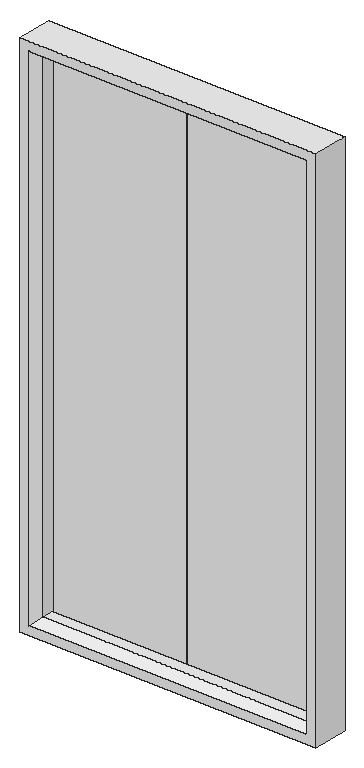
Revit family
Parameters (values of type "1800x1000 mm")
  프레임 = ""
  철물 = ""
  Assembly Code = ""
  유리/마감 = ""
  위치/개소 = ""
  부호 = "1/SSD"
  문 틀 = SSD 문 틀
  문번호 = "1"
  문기호 = "SSD"
  문 = SSD 문
  Height = 1800 mm
  Wall Closure = (empty or 0)
  Width = 1000 mm
Reference planes
  plane 1: y = 0
  plane 2 "중심(왼쪽/오른쪽)": x = 0
  plane 3 "왼쪽": x = -500
  plane 4 "오른쪽": x = 500
  plane 5: z = 1800
  plane 6 "외부": y = 100
  plane 7 "내부": y = -100
  plane 8: y = 80
  plane 9: x = -470
  plane 10: x = 470
  plane 11: x = -455
  plane 12: x = 455
  plane 13: x = -650
  plane 14: x = 650
  plane 15: z = 2100
  plane 16: z = -300
  plane 17: y = 40
  plane 18: y = 0
  plane 19: y = 120
Forms (mm)
  Sweep 1, solid, material "SSD 문 틀" <- "문 틀"
    path origin (0, 100, 0) x (1, 0, 0) y (0, 0, 1)
      loop
        line (500, 0) -> (500, 1800) -> (-500, 1800) -> (-500, 0) -> (500, 0)
    profile origin (500, 100, 900) x (-1, 0, 0) y (0, -1, 0)
      loop
        line (0, -20) -> (30, -20) -> (30, 20) -> (45, 20) -> (45, 60) -> (30, 100) -> (0, 100) -> (0, -20)
  Extrusion 2, solid, material "SSD 문" <- "문"
    sketch origin (0, 0, 0) x (1, 0, 0) y (0, 1, 0)
      loop
        line (0, 120) -> (-470, 120) -> (-470, 80) -> (0, 80) -> (0, 120)
    from 30 to 1770
  Extrusion 3, solid, material "SSD 문" <- "문"
    sketch origin (470, 0, 0) x (1, 0, 0) y (0, 1, 0)
      loop
        line (0, 120) -> (-470, 120) -> (-470, 80) -> (0, 80) -> (0, 120)
    from 30 to 1770
Lines and regions (mm)
  Opening 1
    outline origin (-3050, -100, 0) x (1, 0, 0) y (0, 0, 1)
      loop
        line (2550, 0) -> (3550, 0) -> (3550, 1800) -> (2550, 1800) -> (2550, 0)
  symbolic lines, style "입면도 스윙"
    curve 1: line (500, 100, -300) -> (500, 100, 2100)
    curve 2: line (-500, 100, 2100) -> (-500, 100, -300)
    curve 3: line (-650, 100, 0) -> (650, 100, 0)
    curve 4: line (650, 100, 1800) -> (-650, 100, 1800)
    curve 5: line (-505, 100, 1805) -> (-505, 100, -5)
    curve 6: line (-495, 100, 1795) -> (-495, 100, 5)
    curve 7: line (505, 100, 1805) -> (-505, 100, 1805)
    curve 8: line (495, 100, 1795) -> (-495, 100, 1795)
    curve 9: line (-495, 100, 5) -> (495, 100, 5)
    curve 10: line (-505, 100, -5) -> (505, 100, -5)
    curve 11: line (495, 100, 5) -> (495, 100, 1795)
    curve 12: line (505, 100, -5) -> (505, 100, 1805)
  symbolic lines, style "평면 스윙"
    curve 13: line (-470, 120, 0) -> (-137.66, 452.34, 0)
    curve 14: line (-137.66, 452.34, 0) -> (-109.376, 424.056, 0)
    curve 15: line (-109.376, 424.056, 0) -> (-441.716, 91.716, 0)
    curve 16: line (-441.716, 91.716, 0) -> (-470, 120, 0)
    curve 18: line (470, 120, 0) -> (137.66, 452.34, 0)
    curve 19: line (137.66, 452.34, 0) -> (109.376, 424.056, 0)
    curve 20: line (109.376, 424.056, 0) -> (441.716, 91.716, 0)
    curve 22: line (470, 120, 0) -> (441.716, 91.716, 0)
  symbolic lines
    curve 17: arc (-109.376, 424.056, 0) -> (-25.766, 282.432, 0) -> (0, 120, 0) r 440
    curve 21: arc (109.376, 424.056, 0) -> (24.277, 282.967, 0) -> (0, 120, 0) r 420
Text (mm)
  text "외부" at (-2295.016, 1099.543, 0), in view "참조 레벨"
  text "외부" at (0, 1615.38, 3698.081), in view "왼쪽"
  text "외부" at (0, 1036.032, 3874.932), in view "오른쪽"
Dimensions and locks
  equal spacing: plane 3 "왼쪽", plane 2 "중심(왼쪽/오른쪽)", plane 4 "오른쪽"
  "Width": plane 3 "왼쪽" to plane 4 "오른쪽"
  "Height": plane 5 to host wall
  host wall to plane 5 = 1800 mm  (x2)
  locked: plane 6 "외부" to host wall at 0
  locked: plane 7 "내부" to host wall
  curve 10 to curve 3 to curve 9 = 5 mm locked, 5 mm locked
  curve 6 to curve 2 to curve 5 = 5 mm locked, 5 mm locked
  curve 11 to curve 1 to curve 12 = 5 mm locked, 5 mm locked
  curve 8 to curve 4 to curve 7 = 5 mm locked, 5 mm locked
  locked: plane 5 to plane 15 at 300
  plane 3 "왼쪽" to plane 9 = 30 mm
  plane 10 to plane 4 "오른쪽" = 30 mm
  plane 9 to plane 11 = 15 mm
  plane 12 to plane 10 = 15 mm
  plane 18 to plane 17 to plane 8 = 40 mm locked, 40 mm locked
  locked: plane 8 to plane 19 at 40
  locked: curve 15 to curve 13 at 40
  locked: curve 20 to curve 18 at 40
  locked: Extrusion 2 to curve 15 (angle 45.00°)
  locked: curve 20 to Extrusion 3 (angle 45.00°)
  aligned and locked: plane 3 "왼쪽" to Opening 1 sketch curve
  aligned and locked: plane 5 to Opening 1 sketch curve  (x2)
  aligned and locked: Opening 1 sketch curve to plane 4 "오른쪽"
  aligned and locked: Opening 1 sketch curve to level
  aligned and locked: plane 1 to host wall
  aligned and locked: Sweep 1 sketch curve to plane 8
  aligned and locked: Extrusion 2 sketch curve to Sweep 1  (x2)
  aligned and locked: curve 2 to plane 3 "왼쪽"
  aligned and locked: plane 5 to curve 4
  aligned and locked: level to curve 3
  aligned and locked: plane 4 "오른쪽" to curve 1
  aligned and locked: plane 2 "중심(왼쪽/오른쪽)" to Extrusion 2 sketch curve
  aligned and locked: Extrusion 3 to Sweep 1
  aligned and locked: Extrusion 2 to Sweep 1
  aligned and locked: Extrusion 2 sketch curve to plane 19
  aligned and locked: Extrusion 3 to Extrusion 2
  aligned and locked: Sweep 1 sketch curve to plane 19
Automatic sketch dimensions
  Sweep 1 sketch curve to level = 0 mm
  Sweep 1 sketch curve to plane 3 "왼쪽" = 0 mm
  Sweep 1 sketch curve to plane 4 "오른쪽" = 0 mm
  Sweep 1 sketch curve to plane 5 = 0 mm
  Sweep 1 sketch curve to profile plane = 0 mm
  Sweep 1 sketch curve to profile plane = 30 mm
  Sweep 1 sketch curve to Sweep 1 sketch curve = 30 mm
  Sweep 1 sketch curve to Sweep 1 sketch curve = 15 mm
  Sweep 1 sketch curve to Sweep 1 sketch curve = 40 mm  (x2)
  curve 4 to plane 14 = 0 mm
  curve 3 to plane 14 = 0 mm
  curve 3 to plane 13 = 0 mm
  curve 4 to plane 13 = 0 mm
  curve 2 to plane 16 = 0 mm
  curve 1 to plane 16 = 0 mm
  curve 1 to plane 15 = 0 mm
  curve 2 to plane 15 = 0 mm
  Extrusion 3 sketch curve to plane 2 "중심(왼쪽/오른쪽)" = 0 mm
  Extrusion 3 sketch curve to plane 8 = 0 mm
  Extrusion 3 sketch curve to plane 10 = 0 mm
  Extrusion 3 sketch curve to plane 19 = 0 mm
  curve 17 to plane 2 "중심(왼쪽/오른쪽)" = 0 mm
  curve 17 to plane 11 = 15.207 mm
  curve 14 to plane 2 "중심(왼쪽/오른쪽)" = 137.66 mm
  plane 2 "중심(왼쪽/오른쪽)" to curve 20 = 109.376 mm
  curve 21 to plane 19 = 20.803 mm
  curve 16 to plane 19 = 0 mm
  curve 17 to plane 19 = 0 mm
  curve 13 to plane 9 = 0 mm
  curve 22 to plane 10 = 0 mm
  curve 18 to plane 19 = 0 mm
